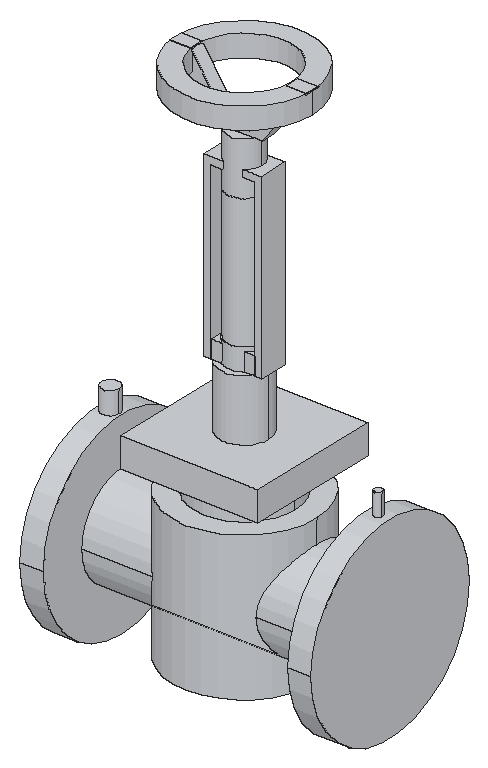
Revit family "Sigma_Compact_DN125-HF_PN16_RFA_2019", category Pipe Accessories, Revit 2019
Family settings
  Round Connector Dimension = Use Diameter
  Part Type = Valve - Breaks Into
  Work Plane-Based = No
  Always vertical = Yes
  Cut with Voids When Loaded = No
  Shared = No
Parameters (values of type "Sigma Compact DN 125 HF PN16")
  magiProductId = "02452206f7594718b3d97e4e693144"
  magiProductFamilyId = "01495da7eb234de3883c6bc9c8853e"
  magiPartTypeId = 304
  isMeasuringValve [instance] = no
  ang2D [instance] = 0.00°
  W2D = 50 mm
  VersionID = "2.0/2018.12.13.2/FRESE_SIGMA_C_BIG_Q13_001"
  Use Minimum Symbol Size [instance] = no
  URL = "www.hydronix.cz"
  Type Comments = "přírubový; PN16; max dp=800kPa; 0~+120°C; max uzavírací tlak 1MPa"
  R4 = 70 mm
  R3 = 70.2 mm
  R1 = 100 mm
  QmdConnectorList = "301;D;302;D"
  Productdata [instance] = ""
  Manufacturer = "Hydronix"
  Maintenance Zone Under Depth [instance] = 100 mm
  Maintenance Zone Right Depth [instance] = 100 mm
  Maintenance Zone Over Depth [instance] = 100 mm
  Maintenance Zone Left Depth [instance] = 100 mm
  Maintenance Zone Front Depth [instance] = 100 mm
  Maintenance Zone Back Depth [instance] = 100 mm
  Maintenance Zone Front Visibility [instance] = no
  MC Use Limits From Balancing Method = no
  MC Throttling Minimum Value = 0
  MC Throttling Maximum Value = 0
  MC Product Code = "53-2414 DN125; PN16; (23000-135000 l/h); kvs=185"
  MC Pressure Drop Minimum Value = 0.0 Pa
  MC Pressure Drop Maximum Value = 0.0 Pa
  MC Piping Given Pressure Drop [instance] = 0.0 Pa
  LF__ve = -LF  # -32 mm
  LF2 = 16 mm
  LF = 32 mm
  L432 = 32.9 mm
  L43 = 65.8 mm
  L42 = 94 mm
  L4 = 188 mm
  L3 = 336 mm
  L2D_Min = 30.48 mm
  L2D = 230 mm
  L2 = 200 mm
  HH12 = 36.5 mm
  HH1 = 73 mm
  HDF__ve = -HDF  # -338 mm
  HDF = 338 mm
  H6 = 85 mm
  H4 = 40.5 mm
  H3 = 33.75 mm
  H2 = 101.25 mm
  H11 = 202.5 mm
  H1 = 761 mm
  H = 608 mm
  Description = "Automatický vyvažovací ventil"
  DF2 = 135 mm
  D = 125 mm
  Clearance Zone Height Depth [instance] = 100 mm
  Clearance Zone Circular Radius [instance] = 200 mm
  Clearance Zone Visibility [instance] = no
  CAT0 = yes
Types (9, lengths in mm): name | magiProductId | Type Comments | R4 | R3 | R1 | MC Product Code | LF__ve | LF2 | LF | L432 | L43 | L42 | L4 | L3 | L2 | HH12 | HH1 | HDF__ve | HDF | H4 | H3 | H2 | H11 | H1 | H | DF2 | D | Clearance Zone Circular Radius
  Sigma Compact DN 050 HF PN16 | "68e8ec0e285d475ea5c3f8787337ca" | "přírubový; PN16; max dp=800kPa; 0~+120°C; max uzavírací tlak 1MPa" | 40.25 | 42.9 | 57.5 | "53-2410 DN50; PN16; (3920-24000 l/h); kvs=34" | -18.4 | 9.2 | 18.4 | 18.917 | 37.835 | 54.05 | 108.1 | 193.2 | 115 | 16.5 | 33 | -202 | 202 | 24.75 | 20.625 | 61.875 | 123.75 | 480 | 367 | 82.5 | 50 | 115
  Sigma Compact DN 065 HF PN16 | "93d22af618bf47d6be13ef3bd41a97" | "přírubový; PN16; max dp=800kPa; 0~+120°C; max uzavírací tlak 1MPa" | 50.75 | 48.1 | 72.5 | "53-2411 DN65; PN16; (5950-35000 l/h); kvs=47" | -23.2 | 11.6 | 23.2 | 23.853 | 47.705 | 68.15 | 136.3 | 243.6 | 145 | 16.5 | 33 | -199 | 199 | 27.75 | 23.125 | 69.375 | 138.75 | 497 | 384 | 92.5 | 65 | 145
  Sigma Compact DN 080 HF PN16 | "30d16928369c437789493110503824" | "přírubový; PN16; max dp=800kPa; 0~+120°C; max uzavírací tlak 1MPa" | 54.25 | 52 | 77.5 | "53-2412 DN80; PN16; (7020-43000 l/h); kvs=61" | -24.8 | 12.4 | 24.8 | 25.497 | 50.995 | 72.85 | 145.7 | 260.4 | 155 | 16.5 | 33 | -213 | 213 | 30 | 25 | 75 | 150 | 526 | 413 | 100 | 80 | 155
  Sigma Compact DN 100 HF PN16 | "cbc2fc0a341c4a2b87b0bcbf79c376" | "přírubový; PN16; max dp=800kPa; 0~+120°C; max uzavírací tlak 1MPa" | 61.25 | 61.1 | 87.5 | "53-2413 DN100; PN16; (14800-90000 l/h); kvs=104" | -28 | 14 | 28 | 28.788 | 57.575 | 82.25 | 164.5 | 294 | 175 | 34 | 68 | -331 | 331 | 35.25 | 29.375 | 88.125 | 176.25 | 714 | 566 | 117.5 | 100 | 175
  Sigma Compact DN 125 HF PN16 | "02452206f7594718b3d97e4e693144" | "přírubový; PN16; max dp=800kPa; 0~+120°C; max uzavírací tlak 1MPa" | 70 | 70.2 | 100 | "53-2414 DN125; PN16; (23000-135000 l/h); kvs=185" | -32 | 16 | 32 | 32.9 | 65.8 | 94 | 188 | 336 | 200 | 36.5 | 73 | -338 | 338 | 40.5 | 33.75 | 101.25 | 202.5 | 761 | 608 | 135 | 125 | 200
  Sigma Compact DN 150 HF PN16 | "2e5d0064e2dd45fa818d7fb779c9a5" | "přírubový; PN16; max dp=800kPa; 0~+110°C; max uzavírací tlak 1MPa" | 84 | 74.1 | 120 | "53-2415 DN150; PN16; (32000-195000 l/h); kvs=242" | -38.4 | 19.2 | 38.4 | 39.48 | 78.96 | 112.8 | 225.6 | 403.2 | 240 | 13 | 26 | -391 | 391 | 42.75 | 35.625 | 106.875 | 213.75 | 782 | 676 | 142.5 | 150 | 240
  Sigma Compact DN 200 HF PN16 | "9690c155034b41f3a54554dedb5edf" | "přírubový; PN16; max dp=800kPa; 0~+110°C; max uzavírací tlak 1MPa" | 105 | 98.8 | 150 | "53-2416 DN200; PN16; (130000-280000 l/h); kvs=317" | -48 | 24 | 48 | 49.35 | 98.7 | 141 | 282 | 504 | 300 | 29.5 | 59 | -334 | 334 | 57 | 47.5 | 142.5 | 285 | 853 | 714 | 190 | 200 | 300
  Sigma Compact DN 250 HF PN16 | "baee3668eb0d4f168225ec1ed946f7" | "přírubový; PN16; max dp=800kPa; 0~+110°C; max uzavírací tlak 1MPa" | 127.75 | 115.44 | 182.5 | "53-2417 DN250; PN16; (245000-600000 l/h); kvs=717" | -58.4 | 29.2 | 58.4 | 60.042 | 120.085 | 171.55 | 343.1 | 613.2 | 365 | 29 | 58 | -462 | 462 | 66.6 | 55.5 | 166.5 | 333 | 1044 | 906 | 222 | 250 | 365
  Sigma Compact DN 300 HF PN16 | "f903017b03a74a7ebca8b59c0516bf" | "přírubový; PN16; max dp=800kPa; 0~+110°C; max uzavírací tlak 1MPa" | 148.75 | 135.2 | 212.5 | "53-2418 DN300; PN16; (245000-600000 l/h); kvs=717" | -68 | 34 | 68 | 69.912 | 139.825 | 199.75 | 399.5 | 714 | 425 | 29 | 58 | -424 | 424 | 78 | 65 | 195 | 390 | 1082 | 944 | 260 | 300 | 425
Reference planes
  plane 1 "Center (Front/Back)": y = 0
  plane 2 "XYPLANE": z = 0
  plane 3 "Center (Left/Right)": x = 0
  plane 4 "298": y = -235
  plane 5 "297": y = 235
  plane 6 "296": y = -135
  plane 7 "295": y = 135
  plane 8 "294": z = -235
  plane 9 "293": z = 726
  plane 10 "292": x = -300
  plane 11 "291": x = 300
  plane 12 "290": z = 726
  plane 13 "256": y = -20
  plane 14 "254": z = 499.5
  plane 15 "253": z = 509.5
  plane 16 "252": x = -40
  plane 17 "251": x = -30
  plane 18 "250": x = 40
  plane 19 "249": x = 30
  plane 20 "247": z = 260.5
  plane 21 "244": z = 473
  plane 22 "243": x = 94
  plane 23 "242": x = 65.8
  plane 24 "241": x = 32.9
  plane 25 "240": y = -10
  plane 26 "238": x = -32.9
  plane 27 "237": x = -65.8
  plane 28 "236": z = 546
  plane 29 "235": z = 576
  plane 30 "234": x = -94
  plane 31 "225": z = 626
  plane 32 "224": z = -135
  plane 33 "157": x = 184
  plane 34 "156": x = -184
  plane 35 "155": z = 135
  plane 36 "154": z = 175.5
  plane 37 "153": z = 135
  plane 38 "152": z = 101.25
  plane 39 "151": x = -168
  plane 40 "150": z = -101.25
  plane 41 "149": x = 0
  plane 42 "148": y = 0
  plane 43 "147": z = 0
  plane 44 "146": x = -200
  plane 45 "145": x = 200
Forms (mm)
  Blend 1, solid, visible <- "Maintenance Zone Front Visibility"
    base sketch origin (-750, 0, 726) x (1, 0, 0) y (0, 1, 0)
      loop
        line (450, 235) -> (450, -235) -> (1050, -235) -> (1050, 235) -> (450, 235)
    top sketch origin (-750, 0, 726) x (1, 0, 0) y (0, 1, 0)
      loop
        line (450, 235) -> (450, -235) -> (1050, -235) -> (1050, 235) -> (450, 235)
    from 0 to -961
  Blend 2, solid, visible <- "Clearance Zone Visibility"
    base sketch origin (-750, 0, 0) x (1, 0, 0) y (0, 1, 0)
      loop
        circle (750, 0) r 200
    top sketch origin (-750, 0, 0) x (1, 0, 0) y (0, 1, 0)
      loop
        circle (750, 0) r 200
    from 0 to 726
  Extrusion 3, solid
    sketch origin (-750, 0, 473) x (1, 0, 0) y (0, 1, 0)
      loop
        circle (750, 0) r 23.982
    from 0 to -338 <- "HDF__ve"
  Extrusion 4, solid
    sketch origin (-750, 0, 260.5) x (1, 0, 0) y (0, 1, 0)
      loop
        line (780, 20) -> (720, 20) -> (720, -20) -> (780, -20) -> (780, 20)
    from 0 to 25
  Extrusion 5, solid
    sketch origin (750, -20, 0) x (-1, 0, 0) y (0, 0, 1)
      loop
        line (790, 260.5) -> (790, 509.5) -> (710, 509.5) -> (710, 260.5) -> (720, 260.5) -> (720, 499.5) -> (780, 499.5) -> (780, 260.5) -> (790, 260.5)
    from 0 to 40
  Extrusion 6, solid
    sketch origin (-750, 0, 260.5) x (1, 0, 0) y (0, 1, 0)
      loop
        circle (750, 0) r 25
    from 0 to 30
  Extrusion 7, solid
    sketch origin (750, -10, 0) x (-1, 0, 0) y (0, 0, 1)
      loop
        line (815.8, 626) -> (782.9, 576) -> (750, 576) -> (750, 546) -> (782.9, 546) -> (844, 626) -> (815.8, 626)
    from 0 to 20
  Extrusion 8, solid
    sketch origin (750, -10, 0) x (-1, 0, 0) y (0, 0, 1)
      loop
        line (684.2, 626) -> (656, 626) -> (717.1, 546) -> (750, 546) -> (750, 576) -> (717.1, 576) -> (684.2, 626)
    from 0 to 20
  Extrusion 9, solid
    sketch origin (-750, 0, 473) x (1, 0, 0) y (0, 1, 0)
      loop
        circle (750, 0) r 23.982
    from 0 to 73 <- "HH1"
  Extrusion 10, solid
    sketch origin (-750, 0, 626) x (1, 0, 0) y (0, 1, 0)
      loop
        circle (750, 0) r 94
      loop
        circle (750, 0) r 65.8
    from 0 to -30
  Extrusion 11, solid, visible <- "CAT0"
    sketch origin (-750, 0, 135) x (1, 0, 0) y (0, 1, 0)
      loop
        circle (934, 0) r 5.5
    from 0 to 30
  Extrusion 12, solid, visible <- "CAT0"
    sketch origin (-750, 0, 135) x (1, 0, 0) y (0, 1, 0)
      loop
        circle (566, 0) r 12.3
    from 0 to 30
  Extrusion 13, solid, visible <- "CAT0"
    sketch origin (-750, 0, 175.5) x (1, 0, 0) y (0, 1, 0)
      loop
        circle (750, 0) r 33.982
    from 0 to 85 <- "H6"
  Extrusion 14, solid, visible <- "CAT0"
    sketch origin (-750, 0, 135) x (1, 0, 0) y (0, 1, 0)
      loop
        line (844, 94) -> (656, 94) -> (656, -94) -> (844, -94) -> (844, 94)
    from 0 to 40.5 <- "H4"
  Extrusion 15, solid, visible <- "CAT0"
    sketch origin (-750, 0, 101.25) x (1, 0, 0) y (0, 1, 0)
      loop
        circle (750, 0) r 70
    from 0 to 33.75 <- "H3"
  Extrusion 16, solid, visible <- "CAT0"
    sketch origin (-168, -750, 0) x (0, 1, 0) y (0, 0, 1)
      loop
        circle (750, 0) r 70.2
    from 0 to 336 <- "L3"
  Extrusion 17, solid, visible <- "CAT0"
    sketch origin (-750, 0, -101.25) x (1, 0, 0) y (0, 1, 0)
      loop
        circle (750, 0) r 100
    from 0 to 202.5 <- "H11"
  Extrusion 18, solid, visible <- "CAT0"
    sketch origin (-200, -750, 0) x (0, 1, 0) y (0, 0, 1)
      loop
        circle (750, 0) r 135
    from 0 to 32 <- "LF"
  Extrusion 19, solid, visible <- "CAT0"
    sketch origin (200, -750, 0) x (0, 1, 0) y (0, 0, 1)
      loop
        circle (750, 0) r 135
    from 0 to -32 <- "LF__ve"
  Extrusion 20, solid, not visible
    sketch origin (-200, -750, 0) x (0, 1, 0) y (0, 0, 1)
      loop
        circle (750, 0) r 10
    from 0 to 10
  Extrusion 21, solid, not visible
    sketch origin (200, -750, 0) x (0, 1, 0) y (0, 0, 1)
      loop
        circle (750, 0) r 10
    from 0 to -10
Lines and regions (mm)
  reference lines, not visible
    curve 1: circle (2, 2, 0) r 1 normal (0, 0, 1)
  reference lines
    curve 2: circle (0, 0, 135) r 1 normal (0, 0, 1)
Dimensions and locks
  plane 1 "Center (Front/Back)" to curve 1 = 2 mm
  "Maintenance Zone Front Depth": plane 6 "296" to plane 4 "298"
  "Maintenance Zone Back Depth": plane 7 "295" to plane 5 "297"
  "DF2": plane 42 "148" to plane 6 "296"
  "DF2": plane 42 "148" to plane 7 "295"
  "Maintenance Zone Under Depth": plane 32 "224" to plane 8 "294"
  "Maintenance Zone Over Depth": plane 31 "225" to plane 9 "293"
  "Maintenance Zone Left Depth": plane 44 "146" to plane 10 "292"
  "Maintenance Zone Right Depth": plane 45 "145" to plane 11 "291"
  "Clearance Zone Height Depth": plane 31 "225" to plane 12 "290"
  locked: plane 25 "240" to plane 13 "256" at 10
  locked: plane 15 "253" to plane 14 "254" at 10
  "HH12": plane 21 "244" to plane 15 "253"
  locked: plane 17 "251" to plane 16 "252" at 10
  locked: plane 41 "149" to plane 17 "251" at 30
  locked: plane 19 "249" to plane 18 "250" at 10
  locked: plane 41 "149" to plane 19 "249" at 30
  "H6": plane 36 "154" to plane 20 "247"
  "H": plane 32 "224" to plane 21 "244"
  "L42": plane 41 "149" to plane 22 "243"
  "L43": plane 41 "149" to plane 23 "242"
  "L432": plane 41 "149" to plane 24 "241"
  locked: plane 42 "148" to plane 25 "240" at 10
  "L432": plane 41 "149" to plane 26 "238"
  "L43": plane 41 "149" to plane 27 "237"
  locked: plane 29 "235" to plane 28 "236" at 30
  locked: plane 31 "225" to plane 29 "235" at 50
  "L42": plane 41 "149" to plane 30 "234"
  "H1": plane 32 "224" to plane 31 "225"
  "DF2": plane 2 "XYPLANE" to plane 32 "224"
  "LF2": plane 45 "145" to plane 33 "157"
  "LF2": plane 44 "146" to plane 34 "156"
  "DF2": plane 2 "XYPLANE" to plane 35 "155"
  "H4": plane 37 "153" to plane 36 "154"
  "H3": plane 38 "152" to plane 37 "153"
  "H11": plane 40 "150" to plane 38 "152"
  "LF": plane 44 "146" to plane 39 "151"
  "H2": plane 2 "XYPLANE" to plane 40 "150"
  locked: plane 3 "Center (Left/Right)" to plane 41 "149"
  locked: plane 1 "Center (Front/Back)" to plane 42 "148"
  locked: plane 2 "XYPLANE" to plane 43 "147"
  "L2": plane 3 "Center (Left/Right)" to plane 44 "146"
  "L2": plane 3 "Center (Left/Right)" to plane 45 "145"
  Blend 1 sketch curve to Blend 1 sketch curve = 0 mm  (x16)
  Extrusion 4 sketch curve to Extrusion 4 sketch curve = 0 mm  (x8)
  Extrusion 5 sketch curve to Extrusion 5 sketch curve = 0 mm  (x16)
  Extrusion 7 sketch curve to Extrusion 7 sketch curve = 0 mm  (x12)
  Extrusion 8 sketch curve to Extrusion 8 sketch curve = 0 mm  (x12)
  equal spacing: Extrusion 14 sketch curve, curve 2, Extrusion 14 sketch curve  (x2)
  "L4": Extrusion 14 sketch curve to Extrusion 14 sketch curve  (x2)
  Extrusion 14 sketch curve to Extrusion 14 sketch curve = 0 mm  (x8)
  "Clearance Zone Circular Radius": radius of Blend 2 sketch curve  (x2)
  "L42": radius of Extrusion 10 sketch curve
  "L43": radius of Extrusion 10 sketch curve
  "R4": radius of Extrusion 15 sketch curve
  "R3": radius of Extrusion 16 sketch curve
  "R1": radius of Extrusion 17 sketch curve
  "DF2": radius of Extrusion 18 sketch curve
  "DF2": radius of Extrusion 19 sketch curve
  aligned and locked: level to plane 2 "XYPLANE"
  aligned and locked: Blend 1 sketch curve to plane 5 "297"  (x2)
  aligned and locked: plane 10 "292" to Blend 1 sketch curve  (x4)
  aligned and locked: plane 11 "291" to Blend 1 sketch curve  (x4)
  aligned and locked: plane 5 "297" to Blend 1 sketch curve  (x2)
  aligned and locked: plane 4 "298" to Blend 1 sketch curve  (x4)
  aligned and locked: Blend 1 to plane 8 "294"
  aligned and locked: plane 41 "149" to Blend 2 sketch curve  (x2)
  aligned and locked: plane 42 "148" to Blend 2 sketch curve  (x2)
  aligned and locked: plane 12 "290" to Blend 2
  aligned and locked: plane 41 "149" to Extrusion 3 sketch curve
  aligned and locked: plane 42 "148" to Extrusion 3 sketch curve
  aligned and locked: Extrusion 5 sketch curve to plane 16 "252"
  aligned and locked: plane 20 "247" to Extrusion 5 sketch curve  (x4)
  aligned and locked: plane 15 "253" to Extrusion 5 sketch curve  (x2)
  aligned and locked: plane 16 "252" to Extrusion 5 sketch curve
  aligned and locked: plane 18 "250" to Extrusion 5 sketch curve  (x2)
  aligned and locked: plane 19 "249" to Extrusion 5 sketch curve  (x2)
  aligned and locked: plane 14 "254" to Extrusion 5 sketch curve  (x2)
  aligned and locked: plane 17 "251" to Extrusion 5 sketch curve  (x2)
  aligned and locked: plane 41 "149" to Extrusion 6 sketch curve
  aligned and locked: plane 42 "148" to Extrusion 6 sketch curve
  aligned and locked: plane 27 "237" to Extrusion 7 sketch curve
  aligned and locked: plane 31 "225" to Extrusion 7 sketch curve  (x2)
  aligned and locked: plane 26 "238" to Extrusion 7 sketch curve  (x2)
  aligned and locked: plane 29 "235" to Extrusion 7 sketch curve  (x2)
  aligned and locked: plane 41 "149" to Extrusion 7 sketch curve  (x2)
  aligned and locked: plane 28 "236" to Extrusion 7 sketch curve  (x2)
  aligned and locked: plane 30 "234" to Extrusion 7 sketch curve
  aligned and locked: plane 23 "242" to Extrusion 8 sketch curve
  aligned and locked: plane 31 "225" to Extrusion 8 sketch curve  (x2)
  aligned and locked: plane 24 "241" to Extrusion 8 sketch curve  (x2)
  aligned and locked: plane 29 "235" to Extrusion 8 sketch curve  (x2)
  aligned and locked: plane 41 "149" to Extrusion 8 sketch curve  (x2)
  aligned and locked: plane 28 "236" to Extrusion 8 sketch curve  (x2)
  aligned and locked: plane 22 "243" to Extrusion 8 sketch curve
  aligned and locked: plane 41 "149" to Extrusion 9 sketch curve
  aligned and locked: plane 42 "148" to Extrusion 9 sketch curve
  aligned and locked: plane 41 "149" to Extrusion 10 sketch curve  (x2)
  aligned and locked: plane 42 "148" to Extrusion 10 sketch curve  (x2)
  aligned and locked: plane 33 "157" to Extrusion 11 sketch curve
  aligned and locked: plane 42 "148" to Extrusion 11 sketch curve
  aligned and locked: plane 34 "156" to Extrusion 12 sketch curve
  aligned and locked: plane 42 "148" to Extrusion 12 sketch curve
  aligned and locked: plane 41 "149" to Extrusion 13 sketch curve
  aligned and locked: plane 42 "148" to Extrusion 13 sketch curve
  aligned and locked: plane 41 "149" to curve 2
  aligned and locked: plane 42 "148" to curve 2
  aligned and locked: plane 41 "149" to Extrusion 15 sketch curve
  aligned and locked: plane 42 "148" to Extrusion 15 sketch curve
  aligned and locked: Extrusion 16 sketch curve to plane 42 "148"
  aligned and locked: plane 43 "147" to Extrusion 16 sketch curve
  aligned and locked: plane 41 "149" to Extrusion 17 sketch curve
  aligned and locked: plane 42 "148" to Extrusion 17 sketch curve
  aligned and locked: Extrusion 18 sketch curve to plane 42 "148"
  aligned and locked: plane 43 "147" to Extrusion 18 sketch curve
  aligned and locked: Extrusion 19 sketch curve to plane 42 "148"
  aligned and locked: plane 43 "147" to Extrusion 19 sketch curve
  aligned and locked: Extrusion 20 sketch curve to plane 42 "148"
  aligned and locked: plane 43 "147" to Extrusion 20 sketch curve
  aligned and locked: Extrusion 21 sketch curve to plane 42 "148"
  aligned and locked: plane 43 "147" to Extrusion 21 sketch curve
Automatic sketch dimensions
  plane 26 "238" to Extrusion 3 sketch curve = 8.917 mm
  Extrusion 4 sketch curve to plane 17 "251" = 0 mm
  Extrusion 4 sketch curve to plane 13 "256" = 0 mm
  Extrusion 4 sketch curve to plane 19 "249" = 0 mm
  Extrusion 4 sketch curve to plane 1 "Center (Front/Back)" = 20 mm
  plane 17 "251" to Extrusion 6 sketch curve = 5 mm
  plane 26 "238" to Extrusion 9 sketch curve = 8.917 mm
  Extrusion 11 sketch curve to plane 33 "157" = 5.5 mm
  plane 44 "146" to Extrusion 12 sketch curve = 3.7 mm
  Extrusion 13 sketch curve to plane 26 "238" = 1.083 mm
  Extrusion 20 sketch curve to plane 25 "240" = 0 mm
  Extrusion 21 sketch curve to plane 25 "240" = 0 mm
  plane 3 "Center (Left/Right)" to curve 1 = 2 mm
  Extrusion 14 sketch curve to plane 30 "234" = 0 mm
  plane 6 "296" to Extrusion 14 sketch curve = 41 mm
  radius of curve 2 = 1 mm
  radius of curve 1 = 1 mm
Connectors
  piping at (-200, 0, 0), diameter 125, driven by "D"
    settings: on Extrusion 20, index 1, connector inside diameter 609.6 mm, connector length 0 mm, flow factor 0, pipe flow 0.0 L/s, pressure drop 0.0 Pa, fitting loss kfactor 0, connector angle 0.00°, fixture units 0, engagement length 0 mm, angle of deflection 0.00°, flow configuration 0, flow direction 0, fitting loss method 0, system type 29, joint type 0, gender type 0, connector reference index 2, connector utility 0, adjustable connector no, is connector primary yes, connector description ""
  piping at (200, 0, 0), diameter 125, driven by "D"
    settings: on Extrusion 21, index 2, connector inside diameter 609.6 mm, connector length 0 mm, flow factor 0, pipe flow 0.0 L/s, pressure drop 0.0 Pa, fitting loss kfactor 0, connector angle 0.00°, fixture units 0, engagement length 0 mm, angle of deflection 0.00°, flow configuration 0, flow direction 0, fitting loss method 0, system type 29, joint type 0, gender type 0, connector reference index 1, connector utility 0, adjustable connector no, is connector primary no, connector description ""
